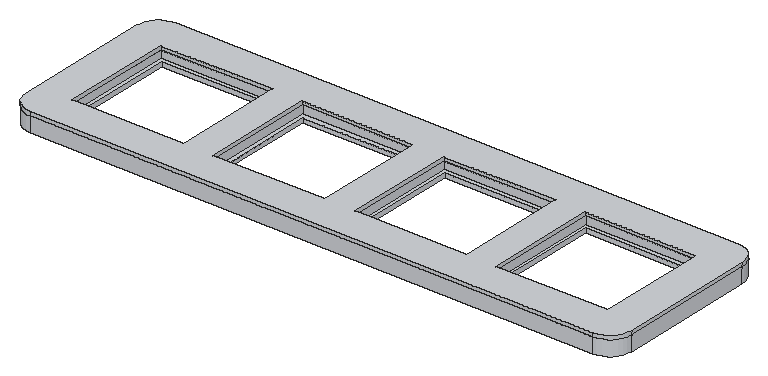
Revit family "Gira_0214423", category Electrical Fixtures, host Face, Revit 2017
Family settings
  Host = Face
  Maintain Annotation Orientation = No
  Round Connector Dimension = Use Diameter
  Part Type = Normal
  Cut with Voids When Loaded = No
  Shared = No
  Room Calculation Point = No
Parameters (values of type "Cov.fr. 4-g Gira E3 dark grey/anthra.")
  URL = "http://katalog.gira.de/en/datenblatt.html?artikelnr=0214423"
  Transparent = "No"
  Name = "Cov.fr. 4-g Gira E3 dark grey/anthra."
  Manufacturer URL = "https://www.gira.de/"
  Manufacturer = "Gira"
  Keynote = ""
  HeinzeBIM = "https://bimportal.heinze.de/bim/cov-fr-4-g-gira-e3-dark-grey-anthra-/4b1ad83a93a66e4889462d116b3549c1ff3ade16"
  HAN = "0214423"
  GTIN = "4010337024118"
  Description = "Cov.fr.4g E3 DgyAn,Gira E3 cover frame,dark grey soft touch with anthracite intermediate frame,4-gang,Features:,- Shatter-proof.,,Notes :,- Soft-touch surface,- NCS value: approx. NCS S 7000-N"
  Default Elevation = 1219.2 mm
  Data sheet (1) = "https://katalog.gira.de/en/download.html?artikelnr=0214423"
  Category = "Cover frame for domestic switching devices"
  BIM (1) = "https://media.stage.bim.site/public/gira/36a6b08/E3_Rahmen_4fach.rfa"
  Available = "No"
Reference planes
  plane 1 "Center (Front/Back)": y = 0
  plane 2: z = 0
  plane 3 "Center (Left/Right)": x = 0
Forms (mm)
  Extrusion 1, solid, detail levels fine
    sketch origin (0, 0, 0) x (1, 0, 0) y (0, 1, 0)
      loop
        arc (-141.75, 45.809) -> (-149.535, 42.585) -> (-152.759, 34.8) r 11.009
        line (-152.759, 34.8) -> (-152.759, -34.8)
        arc (-152.759, -34.8) -> (-149.535, -42.585) -> (-141.75, -45.809) r 11.009
        line (-141.75, -45.809) -> (141.75, -45.809)
        arc (141.75, -45.809) -> (149.535, -42.585) -> (152.759, -34.8) r 11.009
        line (152.759, -34.8) -> (152.759, 34.8)
        arc (152.759, 34.8) -> (149.535, 42.585) -> (141.75, 45.809) r 11.009
        line (141.75, 45.809) -> (-141.75, 45.809)
      loop
        line (-78.85, 28.187) -> (-135.106, 28.187) -> (-135.106, -28.187) -> (-78.85, -28.187) -> (-78.85, 28.187)
      loop
        line (-63.95, 28.187) -> (-63.95, -28.187) -> (-7.695, -28.187) -> (-7.695, 28.187) -> (-63.95, 28.187)
      loop
        line (78.85, 28.187) -> (78.85, -28.187) -> (135.106, -28.187) -> (135.106, 28.187) -> (78.85, 28.187)
      loop
        line (63.95, 28.187) -> (7.695, 28.187) -> (7.695, -28.187) -> (63.95, -28.187) -> (63.95, 28.187)
    from 7.65 to 9.5
  Extrusion 2, solid, detail levels fine
    sketch origin (-107.15, 0, 0) x (1, 0, 0) y (0, 1, 0)
      loop
        line (26.1, 25.7) -> (-25.7, 25.7) -> (-25.7, -25.7) -> (26.1, -25.7) -> (26.1, 25.7)
      loop
        line (-28.187, -28.156) -> (28.187, -28.156) -> (28.187, 28.156) -> (-28.187, 28.156) -> (-28.187, -28.156)
    from 1.65 to 3.9
  Extrusion 3, solid, detail levels fine
    sketch origin (0, 0, 0) x (1, 0, 0) y (0, 1, 0)
      loop
        arc (-141.75, 45.809) -> (-149.535, 42.585) -> (-152.759, 34.8) r 11.009
        line (-152.759, 34.8) -> (-152.759, -34.8)
        arc (-152.759, -34.8) -> (-149.535, -42.585) -> (-141.75, -45.809) r 11.009
        line (-141.75, -45.809) -> (141.75, -45.809)
        arc (141.75, -45.809) -> (149.535, -42.585) -> (152.759, -34.8) r 11.009
        line (152.759, -34.8) -> (152.759, 34.8)
        arc (152.759, 34.8) -> (149.535, 42.585) -> (141.75, 45.809) r 11.009
        line (141.75, 45.809) -> (-141.75, 45.809)
      loop
        line (-150.793, 34.785) -> (-150.793, -34.785)
        arc (-150.793, -34.785) -> (-148.14, -41.19) -> (-141.735, -43.843) r 9.058
        line (-141.735, -43.843) -> (141.735, -43.843)
        arc (141.735, -43.843) -> (148.14, -41.19) -> (150.793, -34.785) r 9.058
        line (150.793, -34.785) -> (150.793, 34.785)
        arc (150.793, 34.785) -> (148.14, 41.19) -> (141.735, 43.843) r 9.058
        line (141.735, 43.843) -> (-141.735, 43.843)
        arc (-141.735, 43.843) -> (-148.14, 41.19) -> (-150.793, 34.785) r 9.058
    from 0 to 7.65
  Extrusion 4, solid, detail levels fine
    sketch origin (-35.75, 0, 0) x (1, 0, 0) y (0, 1, 0)
      loop
        line (-98.606, -31.075) -> (170.105, -31.075)
        arc (170.105, -31.075) -> (172.749, -29.98) -> (173.844, -27.337) r 3.739
        line (173.844, -27.337) -> (173.844, 27.337)
        arc (173.844, 27.337) -> (172.749, 29.98) -> (170.105, 31.075) r 3.739
        line (170.105, 31.075) -> (-98.606, 31.075)
        arc (-98.606, 31.075) -> (-101.249, 29.98) -> (-102.344, 27.337) r 3.739
        line (-102.344, 27.337) -> (-102.344, -27.337)
        arc (-102.344, -27.337) -> (-101.249, -29.98) -> (-98.606, -31.075) r 3.739
      loop
        line (-101.194, 27.537) -> (-101.194, -27.537)
        arc (-101.194, -27.537) -> (-100.495, -29.226) -> (-98.806, -29.925) r 2.389
        line (-98.806, -29.925) -> (170.305, -29.925)
        arc (170.305, -29.925) -> (171.994, -29.226) -> (172.694, -27.537) r 2.389
        line (172.694, -27.537) -> (172.694, 27.537)
        arc (172.694, 27.537) -> (171.994, 29.226) -> (170.305, 29.925) r 2.389
        line (170.305, 29.925) -> (-98.806, 29.925)
        arc (-98.806, 29.925) -> (-100.495, 29.226) -> (-101.194, 27.537) r 2.389
    from 1.65 to 7.65
  Extrusion 5, solid, detail levels fine
    sketch origin (0, 0, 0) x (1, 0, 0) y (0, 1, 0)
      loop
        line (-139.017, -39.8) -> (139.017, -39.8)
        arc (139.017, -39.8) -> (144.632, -36.708) -> (146.864, -30.7) r 9.2
        line (146.864, -30.7) -> (146.864, 30.7)
        arc (146.864, 30.7) -> (144.17, 37.205) -> (137.664, 39.9) r 9.2
        line (137.664, 39.9) -> (-137.664, 39.9)
        arc (-137.664, 39.9) -> (-144.17, 37.205) -> (-146.864, 30.7) r 9.2
        line (-146.864, 30.7) -> (-146.864, -30.7)
        arc (-146.864, -30.7) -> (-144.632, -36.708) -> (-139.017, -39.8) r 9.2
      loop
        line (-137.664, -31.7) -> (137.664, -31.7)
        arc (137.664, -31.7) -> (138.372, -31.407) -> (138.664, -30.7) r 1
        line (138.664, -30.7) -> (138.664, 30.7)
        arc (138.664, 30.7) -> (138.372, 31.407) -> (137.664, 31.7) r 1
        line (137.664, 31.7) -> (-137.664, 31.7)
        arc (-137.664, 31.7) -> (-138.372, 31.407) -> (-138.664, 30.7) r 1
        line (-138.664, 30.7) -> (-138.664, -30.7)
        arc (-138.664, -30.7) -> (-138.372, -31.407) -> (-137.664, -31.7) r 1
    from 1.65 to 3.9
  Extrusion 6, solid, detail levels fine
    sketch origin (-107.15, 0, 0) x (1, 0, 0) y (0, 1, 0)
      loop
        line (-28.187, 28.156) -> (-28.187, -28.156) -> (28.187, -28.156) -> (28.187, 28.156) -> (-28.187, 28.156)
      loop
        line (-29.925, 29.925) -> (-29.925, -29.925) -> (29.925, -29.925) -> (29.925, 29.925) -> (-29.925, 29.925)
    from 1.65 to 7.65
  Extrusion 7, solid, detail levels coarse+medium
    sketch origin (0, 0, 0) x (1, 0, 0) y (0, 1, 0)
      loop
        line (-152.759, 45.809) -> (-152.759, -45.809) -> (152.759, -45.809) -> (152.759, 45.809) -> (-152.759, 45.809)
    from 0 to 9.5
  Extrusion 8, solid, detail levels fine
    sketch origin (-35.65, 0, 0) x (-1, 0, 0) y (0, -1, 0)
      loop
        line (25.9, -25.7) -> (25.9, 25.7) -> (-25.9, 25.7) -> (-25.9, -25.7) -> (25.9, -25.7)
      loop
        line (-28.187, 28.156) -> (-28.187, -28.156) -> (28.187, -28.156) -> (28.187, 28.156) -> (-28.187, 28.156)
    from 1.65 to 3.9
  Extrusion 9, solid, detail levels fine
    sketch origin (-35.65, 0, 0) x (-1, 0, 0) y (0, -1, 0)
      loop
        line (-28.187, -28.156) -> (28.187, -28.156) -> (28.187, 28.156) -> (-28.187, 28.156) -> (-28.187, -28.156)
      loop
        line (-29.925, -29.925) -> (29.925, -29.925) -> (29.925, 29.925) -> (-29.925, 29.925) -> (-29.925, -29.925)
    from 1.65 to 7.65
  Extrusion 10, solid, detail levels fine
    sketch origin (35.85, 0, 0) x (-1, 0, 0) y (0, -1, 0)
      loop
        line (26.1, -25.7) -> (26.1, 25.7) -> (-25.7, 25.7) -> (-25.7, -25.7) -> (26.1, -25.7)
      loop
        line (-28.187, 28.156) -> (-28.187, -28.156) -> (28.187, -28.156) -> (28.187, 28.156) -> (-28.187, 28.156)
    from 1.65 to 3.9
  Extrusion 11, solid, detail levels fine
    sketch origin (35.85, 0, 0) x (-1, 0, 0) y (0, -1, 0)
      loop
        line (-28.187, -28.156) -> (28.187, -28.156) -> (28.187, 28.156) -> (-28.187, 28.156) -> (-28.187, -28.156)
      loop
        line (-29.925, -29.925) -> (29.925, -29.925) -> (29.925, 29.925) -> (-29.925, 29.925) -> (-29.925, -29.925)
    from 1.65 to 7.65
  Extrusion 12, solid, detail levels fine
    sketch origin (107.15, 0, 0) x (-1, 0, 0) y (0, -1, 0)
      loop
        line (26.1, -25.7) -> (26.1, 25.7) -> (-25.7, 25.7) -> (-25.7, -25.7) -> (26.1, -25.7)
      loop
        line (-28.187, 28.156) -> (-28.187, -28.156) -> (28.187, -28.156) -> (28.187, 28.156) -> (-28.187, 28.156)
    from 1.65 to 3.9
  Extrusion 13, solid, detail levels fine
    sketch origin (107.15, 0, 0) x (-1, 0, 0) y (0, -1, 0)
      loop
        line (-28.187, -28.156) -> (28.187, -28.156) -> (28.187, 28.156) -> (-28.187, 28.156) -> (-28.187, -28.156)
      loop
        line (-29.925, -29.925) -> (29.925, -29.925) -> (29.925, 29.925) -> (-29.925, 29.925) -> (-29.925, -29.925)
    from 1.65 to 7.65
Dimensions and locks
  aligned and locked: plane 2 to host face
  aligned and locked: level to host face
